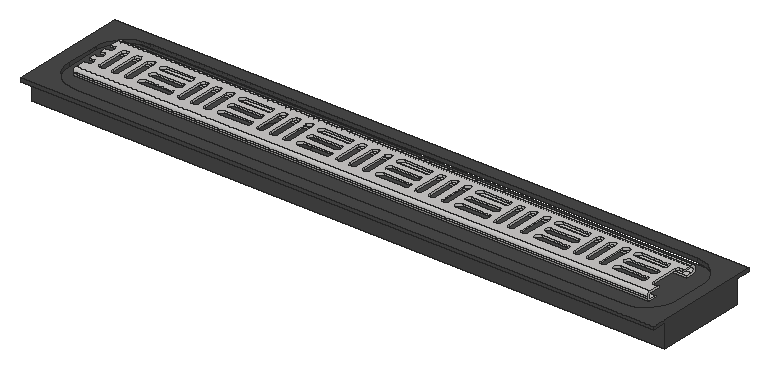
Revit family "Drain-Linear_CrossHatch_Noble_FreeStyle", category Plumbing Fixtures, host Face, Revit 2014
Parameters (values of type "24in ABS")
  Weight = "10 lbs"
  URL = "www.noblecompany.com"
  Type Comments = ""
  Product Properties = "http://www.noblecompany.com/Portals/0/PRODUCT%20INFO/Product%20Descriptions/FreeStyle%20Linear%20Drain%20Product%20Decription%200410.pdf"
  Product Data = "http://www.noblecompany.com/Products/ShowerProducts/tabid/59/Default.aspx"
  Plate = Stainless Steel - Brushed
  Model = "Freestyle 24 ABS - Cross Hatch"
  Manufacturer Phone - Toll Free = "800-878-5788"
  Manufacturer Phone = "231-799-8000"
  Manufacturer Fax = "231-799-8850"
  Manufacturer Email = "mailto:sales@noblecompany.com"
  Manufacturer Address = "7300 Enterprise Drive, Spring Lake, MI  49456 USA"
  Manufacturer = "Noble Company"
  Installation-Fabrication = "http://www.noblecompany.com/Portals/0/PRODUCT%20INFO/Product%20Descriptions/FreeStyle%20Linear%20Drain%20Product%20Decription%200410.pdf"
  GPM = 0 GPM
  Description = "Freestyle 24 ABS - Cross Hatch Linear Drain"
  Building Codes = "http://www.noblecompany.com/Portals/0/TECHNICAL%20INFO/Listing_Testing_Certification_Reports/PMG-1065%20Noble%20Company%20Linear%20Drain%20final%202.pdf"
  Base = ABS
  B = 21 3/4"
  Assembly Code = "D2030300"
  A = 24"
  Default Elevation = 0"
  D = 1 1/4"
  C = 15 3/4"
Types (14): name | Model | Description | Base | B | A | D | C
  24in ABS | "Freestyle 24 ABS - Cross Hatch" | "Freestyle 24 ABS - Cross Hatch Linear Drain" | ABS | 21 3/4" | 24" | 1 1/4" | 15 3/4"
  32in ABS | "Freestyle 32 ABS - Cross Hatch" | "Freestyle 32 ABS - Cross Hatch Linear Drain" | ABS | 29 3/4" | 32" | 1 3/8" | 19 1/2"
  36in ABS | "Freestyle 36 ABS - Cross Hatch" | "Freestyle 36 ABS - Cross Hatch Linear Drain" | ABS | 33 3/4" | 36" | 1 3/8" | 21 3/4"
  40in ABS | "Freestyle 40 ABS - Cross Hatch" | "Freestyle 40 ABS - Cross Hatch Linear Drain" | ABS | 37 3/4" | 40" | 1 7/16" | 23 3/4"
  48in ABS | "Freestyle 48 ABS - Cross Hatch" | "Freestyle 48 ABS - Cross Hatch Linear Drain" | ABS | 45 3/4" | 48" | 1 1/2" | 27 3/4"
  54in ABS | "Freestyle 54 ABS - Cross Hatch" | "Freestyle 54 ABS - Cross Hatch Linear Drain" | ABS | 51 3/4" | 54" | 1 9/16" | 30 3/4"
  60in ABS | "Freestyle 60 ABS - Cross Hatch" | "Freestyle 60 ABS - Cross Hatch Linear Drain" | ABS | 57 3/4" | 60" | 1 5/8" | 33 3/4"
  24in PVC | "Freestyle 24 PVC - Cross Hatch" | "Freestyle 24 PVC - Cross Hatch Linear Drain" | PVC | 21 3/4" | 24" | 1 1/4" | 15 3/4"
  32in PVC | "Freestyle 32 PVC - Cross Hatch" | "Freestyle 32 PVC - Cross Hatch Linear Drain" | PVC | 29 3/4" | 32" | 1 3/8" | 19 1/2"
  36in PVC | "Freestyle 36 PVC - Cross Hatch" | "Freestyle 36 PVC - Cross Hatch Linear Drain" | PVC | 33 3/4" | 36" | 1 3/8" | 21 3/4"
  40in PVC | "Freestyle 40 PVC - Cross Hatch" | "Freestyle 40 PVC - Cross Hatch Linear Drain" | PVC | 37 3/4" | 40" | 1 7/16" | 23 3/4"
  48in PVC | "Freestyle 48 PVC - Cross Hatch" | "Freestyle 48 PVC - Cross Hatch Linear Drain" | PVC | 45 3/4" | 48" | 1 1/2" | 27 3/4"
  54in PVC | "Freestyle 54 PVC - Cross Hatch" | "Freestyle 54 PVC - Cross Hatch Linear Drain" | PVC | 51 3/4" | 54" | 1 9/16" | 30 3/4"
  60in PVC | "Freestyle 60 PVC - Cross Hatch" | "Freestyle 60 PVC - Cross Hatch Linear Drain" | PVC | 57 3/4" | 60" | 1 5/8" | 33 3/4"
Reference planes (in)
  plane 1 "Center (Front/Back)": y = 0
  plane 2: z = 0
  plane 3 "Center (Left/Right)": x = 0
  plane 4: z = -1.25
  plane 5: z = -3.68399
  plane 6: z = -1.25
  plane 7: y = 1.6875
  plane 8: y = -1.6875
  plane 9: z = -0.375
  plane 10: y = 2.25
  plane 11: y = -2.25
  plane 12: z = -0.3125
  plane 13: x = 12
  plane 14: x = -12
  plane 15: x = 10.875
  plane 16: x = -3.75
  plane 17: x = -10.875
  plane 18: z = -0.125
Forms (in)
  Extrusion 1, void, detail levels medium+fine
    sketch origin (0, 0, 0) x (1, 0, 0) y (0, 1, 0)
      loop
        circle (-3.75, 0) r 1
    from -60 to 34.55449
  Extrusion 2, solid, material "ABS" <- "Base", detail levels medium+fine
    sketch origin (10.05986, 0, 0) x (0, 1, 0) y (0, 0, 1)
      loop
        line (2.25, -0.375) -> (2.25, -0.25) -> (-2.25, -0.25) -> (-2.25, -0.375) -> (-1.6875, -0.375) -> (-1.6875, -1.25) -> (1.6875, -1.25) -> (1.6875, -0.375) -> (2.25, -0.375)
    from -22.05986 to 1.94014
  Extrusion 3, void
    sketch origin (10.05986, 0, 0) x (1, 0, 0) y (0, 1, 0)
      loop
        arc (-20.37906, 1.769) -> (-21.18512, 1.43512) -> (-21.519, 0.62906) r 1.13994
        line (-21.519, 0.62906) -> (-21.519, -0.63005)
        arc (-21.519, -0.63005) -> (-21.18541, -1.43541) -> (-20.38005, -1.769) r 1.13895
        line (-20.38005, -1.769) -> (0.37931, -1.769)
        arc (0.37931, -1.769) -> (1.18519, -1.43519) -> (1.519, -0.62931) r 1.13969
        line (1.519, -0.62931) -> (1.519, 0.62118)
        arc (1.519, 0.62118) -> (1.18281, 1.43281) -> (0.37118, 1.769) r 1.14782
        line (0.37118, 1.769) -> (-20.37906, 1.769)
    from -0.375 to 0
  Extrusion 4, void
    sketch origin (0, 0, 0) x (1, 0, 0) y (0, 1, 0)
      loop
        line (11, 1.269) -> (-11, 1.269) -> (-11, -1.269) -> (11, -1.269) -> (11, 1.269)
    from -0.125 to 0
  Extrusion 5, void, detail levels fine
    sketch origin (0, 0, 0) x (0, 1, 0) y (0, 0, 1)
      loop
        line (2.25, -0.375) -> (2.25, -0.125) -> (-2.25, -0.125) -> (-2.25, -0.375) -> (-1.6875, -0.375) -> (-1.6875, -1.25) -> (1.6875, -1.25) -> (1.6875, -0.375) -> (2.25, -0.375)
    from -12 to 12
Cuts and joins
  Extrusion 1, Extrusion 3 cuts Extrusion 2
Lines and regions (in)
  model lines, detail levels coarse+medium
    curve 1: line (-3.75, 0, 0) -> (-3.75, 0, -1.25)
  model lines, style "PlumbingFixtures", detail levels coarse
    curve 2: line (-12, 2.25, 0) -> (-12, -2.25, 0)
    curve 3: line (-12, 2.25, 0) -> (12, 2.25, 0)
    curve 4: line (12, 2.25, 0) -> (12, -2.25, 0)
    curve 5: line (-12, -2.25, 0) -> (12, -2.25, 0)
    curve 6: line (12, 0, 0) -> (-12, 0, 0)
Dimensions and locks (in)
  "D": plane 2 to plane 4
  locked: plane 4 to plane 5 at 2.43399
  "D": plane 6 to level
  equal spacing: plane 7, plane 1 "Center (Front/Back)", plane 8, locked at 1.6875 each
  locked: plane 9 to level at 0.375
  plane 7 to plane 8 = 3 3/8"
  locked: plane 10 to plane 7 at 0.5625
  locked: plane 8 to plane 11 at 0.5625
  "A": plane 14 to plane 13
  locked: plane 15 to plane 13 at 1.125
  "C": plane 16 to plane 13
  locked: plane 14 to plane 17 at 1.125
  locked: Extrusion 3 sketch curve to plane 13 at 0.42114
  locked: plane 14 to Extrusion 3 sketch curve at 0.54086
  equal spacing: plane 14, plane 3 "Center (Left/Right)", plane 13
  locked: plane 9 to plane 12 at 0.0625
  locked: level to plane 18 at 0.125
  level to Extrusion 2 sketch curve = 1/4"
  locked: plane 15 to Extrusion 4 sketch curve at 0.125
  locked: Extrusion 4 sketch curve to plane 17 at 0.125
  radius of Extrusion 1 sketch curve = 1"
  aligned and locked: plane 2 to host face
  aligned and locked: level to host face
  aligned and locked: plane 1 "Center (Front/Back)" to Extrusion 1 sketch curve
  aligned and locked: plane 13 to Extrusion 2
  aligned and locked: plane 16 to Extrusion 1 sketch curve
  aligned and locked: plane 10 to Extrusion 5 sketch curve
  aligned and locked: plane 9 to Extrusion 5 sketch curve
  aligned and locked: plane 7 to Extrusion 5 sketch curve
  aligned and locked: plane 4 to Extrusion 5 sketch curve
  aligned and locked: plane 11 to Extrusion 5 sketch curve
  aligned and locked: Extrusion 5 sketch curve to plane 8
  aligned and locked: Extrusion 5 to plane 14
  aligned and locked: plane 13 to Extrusion 5
  aligned and locked: curve 6 to plane 1 "Center (Front/Back)"
  aligned and locked: plane 14 to curve 6
  aligned and locked: plane 13 to curve 6
  aligned and locked: curve 1 to plane 16
  aligned and locked: level to curve 1
  aligned and locked: plane 6 to curve 1
  aligned and locked: Extrusion 2 to plane 14
  aligned and locked: plane 3 "Center (Left/Right)" to nested 1
  aligned and locked: plane 1 "Center (Front/Back)" to nested 1
  aligned and locked: plane 12 to nested 1
  aligned and locked: plane 9 to Extrusion 3
  aligned and locked: Extrusion 4 to plane 18
  aligned and locked: level to Extrusion 4
Automatic sketch dimensions
  host sketch curve to host sketch curve = 48 1/4"
  host sketch curve to host sketch curve = 96"
  plane 9 to Extrusion 2 sketch curve = 0"  (x2)
  Extrusion 2 sketch curve to plane 11 = 0"
  Extrusion 2 sketch curve to plane 4 = 0"
  Extrusion 2 sketch curve to plane 8 = 0"
  Extrusion 2 sketch curve to plane 7 = 0"
  Extrusion 2 sketch curve to plane 10 = 0"
  Extrusion 3 sketch curve to plane 8 = 0.0815"
  plane 17 to Extrusion 3 sketch curve = 0.55481"
  Extrusion 3 sketch curve to plane 7 = 0.0815"
  plane 17 to Extrusion 3 sketch curve = 0.5558"
  Extrusion 3 sketch curve to plane 15 = 0.44396"
  Extrusion 3 sketch curve to plane 15 = 0.43583"
  curve 2 to plane 10 = 0"
  curve 5 to plane 11 = 0"
  plane 9 to Extrusion 5 sketch curve = 0"
  Extrusion 5 sketch curve to plane 18 = 0"
  plane 8 to Extrusion 4 sketch curve = 0.4185"
  plane 7 to Extrusion 4 sketch curve = 0.4185"
Nested families (in)
  nested 1: "Strainer" at (-12.24848, 0, -0.3125), type "24"", detail levels fine
    with Strainer Length 21 3/4"
Connectors (in)
  piping at (-3.75, 0, -1.25), diameter 2, driven by "GPM"
    settings: on cut or joined group of Extrusion 1, Extrusion 2, Extrusion 3, index 1, connector inside diameter 2", connector length 0", flow factor 0, pipe flow 0 GPM, pressure drop 0.00 psi, fitting loss kfactor 0, connector angle 0.00°, fixture units 0, engagement length 0", angle of deflection 0.00°, flow configuration 0, flow direction 2, fitting loss method 0, system type 16, joint type 0, gender type 0, connector reference index -1, connector utility 0, adjustable connector no, is connector primary yes, connector description ""
Definition of nested family "Strainer"
  Parameters (values of type "24"")
    Strainer Width = 2 1/4"
    Strainer Height = 5/16"
    Strainer Length = 26 1/4"
    Strainer Finish = Stainless Steel - Brushed
  Reference planes (in)
    plane 1 "Center (Front/Back)": y = 0
    plane 2: z = 0
    plane 3 "Center (Left/Right)": x = 12.24848
    plane 4: y = 1.125
    plane 5: y = -1.125
    plane 6: x = 42.24848
    plane 7: x = -17.75152
    plane 8: z = 0.3125
    plane 9: x = -0.87652
    plane 10: x = 25.37348
  Forms (in)
    Extrusion 1, solid, material "Stainless Steel - Brushed" <- "Strainer Finish", detail levels medium+fine
      sketch origin (0, 0, 0) x (1, 0, 0) y (0, 1, 0)
        loop
          line (-16.62652, 1.1245) -> (-16.62652, -1.1245) -> (41.12348, -1.1245) -> (41.12348, 1.1245) -> (-16.62652, 1.1245)
        loop
          line (11.35785, 0.5) -> (11.35785, -0.5)
          arc (11.35785, -0.5) -> (11.49848, -0.64063) -> (11.6391, -0.5) r 0.14063
          line (11.6391, -0.5) -> (11.6391, 0.5)
          arc (11.6391, 0.5) -> (11.49848, 0.64062) -> (11.35785, 0.5) r 0.14063
        loop
          line (11.85785, 0.5) -> (11.85785, -0.5)
          arc (11.85785, -0.5) -> (11.99848, -0.64063) -> (12.1391, -0.5) r 0.14063
          line (12.1391, -0.5) -> (12.1391, 0.5)
          arc (12.1391, 0.5) -> (11.99848, 0.64062) -> (11.85785, 0.5) r 0.14063
        loop
          arc (11.1391, 0.5) -> (10.99848, 0.64062) -> (10.85785, 0.5) r 0.14063
          line (10.85785, 0.5) -> (10.85785, -0.5)
          arc (10.85785, -0.5) -> (10.99848, -0.64063) -> (11.1391, -0.5) r 0.14063
          line (11.1391, -0.5) -> (11.1391, 0.5)
        loop
          line (12.49848, -0.14063) -> (13.49848, -0.14063)
          arc (13.49848, -0.14063) -> (13.6391, 0) -> (13.49848, 0.14062) r 0.14063
          line (13.49848, 0.14062) -> (12.49848, 0.14062)
          arc (12.49848, 0.14062) -> (12.35785, 0) -> (12.49848, -0.14063) r 0.14063
        loop
          line (12.49848, 0.35937) -> (13.49848, 0.35937)
          arc (13.49848, 0.35937) -> (13.6391, 0.5) -> (13.49848, 0.64062) r 0.14063
          line (13.49848, 0.64062) -> (12.49848, 0.64062)
          arc (12.49848, 0.64062) -> (12.35785, 0.5) -> (12.49848, 0.35937) r 0.14063
        loop
          arc (12.49848, -0.35938) -> (12.35785, -0.5) -> (12.49848, -0.64063) r 0.14063
          line (12.49848, -0.64063) -> (13.49848, -0.64063)
          arc (13.49848, -0.64063) -> (13.6391, -0.5) -> (13.49848, -0.35938) r 0.14063
          line (13.49848, -0.35938) -> (12.49848, -0.35938)
        loop
          arc (14.6391, 0.5) -> (14.49848, 0.64062) -> (14.35785, 0.5) r 0.14063
          line (14.35785, 0.5) -> (14.35785, -0.5)
          arc (14.35785, -0.5) -> (14.49848, -0.64063) -> (14.6391, -0.5) r 0.14063
          line (14.6391, -0.5) -> (14.6391, 0.5)
        loop
          arc (14.1391, 0.5) -> (13.99848, 0.64062) -> (13.85785, 0.5) r 0.14063
          line (13.85785, 0.5) -> (13.85785, -0.5)
          arc (13.85785, -0.5) -> (13.99848, -0.64063) -> (14.1391, -0.5) r 0.14063
          line (14.1391, -0.5) -> (14.1391, 0.5)
        loop
          line (14.85785, 0.5) -> (14.85785, -0.5)
          arc (14.85785, -0.5) -> (14.99848, -0.64063) -> (15.1391, -0.5) r 0.14063
          line (15.1391, -0.5) -> (15.1391, 0.5)
          arc (15.1391, 0.5) -> (14.99848, 0.64062) -> (14.85785, 0.5) r 0.14063
        loop
          line (15.49848, -0.14063) -> (16.49848, -0.14063)
          arc (16.49848, -0.14063) -> (16.6391, 0) -> (16.49848, 0.14062) r 0.14063
          line (16.49848, 0.14062) -> (15.49848, 0.14062)
          arc (15.49848, 0.14062) -> (15.35785, 0) -> (15.49848, -0.14063) r 0.14063
        loop
          line (15.49848, 0.35937) -> (16.49848, 0.35937)
          arc (16.49848, 0.35937) -> (16.6391, 0.5) -> (16.49848, 0.64062) r 0.14063
          line (16.49848, 0.64062) -> (15.49848, 0.64062)
          arc (15.49848, 0.64062) -> (15.35785, 0.5) -> (15.49848, 0.35937) r 0.14063
        loop
          arc (15.49848, -0.35938) -> (15.35785, -0.5) -> (15.49848, -0.64063) r 0.14063
          line (15.49848, -0.64063) -> (16.49848, -0.64063)
          arc (16.49848, -0.64063) -> (16.6391, -0.5) -> (16.49848, -0.35938) r 0.14063
          line (16.49848, -0.35938) -> (15.49848, -0.35938)
        loop
          arc (17.6391, 0.5) -> (17.49848, 0.64062) -> (17.35785, 0.5) r 0.14063
          line (17.35785, 0.5) -> (17.35785, -0.5)
          arc (17.35785, -0.5) -> (17.49848, -0.64063) -> (17.6391, -0.5) r 0.14063
          line (17.6391, -0.5) -> (17.6391, 0.5)
        loop
          arc (17.1391, 0.5) -> (16.99848, 0.64062) -> (16.85785, 0.5) r 0.14063
          line (16.85785, 0.5) -> (16.85785, -0.5)
          arc (16.85785, -0.5) -> (16.99848, -0.64063) -> (17.1391, -0.5) r 0.14063
          line (17.1391, -0.5) -> (17.1391, 0.5)
        loop
          line (17.85785, 0.5) -> (17.85785, -0.5)
          arc (17.85785, -0.5) -> (17.99848, -0.64063) -> (18.1391, -0.5) r 0.14063
          line (18.1391, -0.5) -> (18.1391, 0.5)
          arc (18.1391, 0.5) -> (17.99848, 0.64062) -> (17.85785, 0.5) r 0.14063
        loop
          line (18.49848, -0.14063) -> (19.49848, -0.14063)
          arc (19.49848, -0.14063) -> (19.6391, 0) -> (19.49848, 0.14062) r 0.14063
          line (19.49848, 0.14062) -> (18.49848, 0.14062)
          arc (18.49848, 0.14062) -> (18.35785, 0) -> (18.49848, -0.14063) r 0.14063
        loop
          line (18.49848, 0.35937) -> (19.49848, 0.35937)
          arc (19.49848, 0.35937) -> (19.6391, 0.5) -> (19.49848, 0.64062) r 0.14063
          line (19.49848, 0.64062) -> (18.49848, 0.64062)
          arc (18.49848, 0.64062) -> (18.35785, 0.5) -> (18.49848, 0.35937) r 0.14063
        loop
          arc (18.49848, -0.35938) -> (18.35785, -0.5) -> (18.49848, -0.64063) r 0.14063
          line (18.49848, -0.64063) -> (19.49848, -0.64063)
          arc (19.49848, -0.64063) -> (19.6391, -0.5) -> (19.49848, -0.35938) r 0.14063
          line (19.49848, -0.35938) -> (18.49848, -0.35938)
        loop
          arc (20.6391, 0.5) -> (20.49848, 0.64062) -> (20.35785, 0.5) r 0.14063
          line (20.35785, 0.5) -> (20.35785, -0.5)
          arc (20.35785, -0.5) -> (20.49848, -0.64063) -> (20.6391, -0.5) r 0.14063
          line (20.6391, -0.5) -> (20.6391, 0.5)
        loop
          arc (20.1391, 0.5) -> (19.99848, 0.64062) -> (19.85785, 0.5) r 0.14063
          line (19.85785, 0.5) -> (19.85785, -0.5)
          arc (19.85785, -0.5) -> (19.99848, -0.64063) -> (20.1391, -0.5) r 0.14063
          line (20.1391, -0.5) -> (20.1391, 0.5)
        loop
          line (20.85785, 0.5) -> (20.85785, -0.5)
          arc (20.85785, -0.5) -> (20.99848, -0.64063) -> (21.1391, -0.5) r 0.14063
          line (21.1391, -0.5) -> (21.1391, 0.5)
          arc (21.1391, 0.5) -> (20.99848, 0.64062) -> (20.85785, 0.5) r 0.14063
        loop
          line (21.49848, -0.14063) -> (22.49848, -0.14063)
          arc (22.49848, -0.14063) -> (22.6391, 0) -> (22.49848, 0.14062) r 0.14063
          line (22.49848, 0.14062) -> (21.49848, 0.14062)
          arc (21.49848, 0.14062) -> (21.35785, 0) -> (21.49848, -0.14063) r 0.14063
        loop
          line (21.49848, 0.35937) -> (22.49848, 0.35937)
          arc (22.49848, 0.35937) -> (22.6391, 0.5) -> (22.49848, 0.64062) r 0.14063
          line (22.49848, 0.64062) -> (21.49848, 0.64062)
          arc (21.49848, 0.64062) -> (21.35785, 0.5) -> (21.49848, 0.35937) r 0.14063
        loop
          arc (21.49848, -0.35938) -> (21.35785, -0.5) -> (21.49848, -0.64063) r 0.14063
          line (21.49848, -0.64063) -> (22.49848, -0.64063)
          arc (22.49848, -0.64063) -> (22.6391, -0.5) -> (22.49848, -0.35938) r 0.14063
          line (22.49848, -0.35938) -> (21.49848, -0.35938)
        loop
          arc (23.6391, 0.5) -> (23.49848, 0.64062) -> (23.35785, 0.5) r 0.14063
          line (23.35785, 0.5) -> (23.35785, -0.5)
          arc (23.35785, -0.5) -> (23.49848, -0.64063) -> (23.6391, -0.5) r 0.14063
          line (23.6391, -0.5) -> (23.6391, 0.5)
        loop
          arc (23.1391, 0.5) -> (22.99848, 0.64062) -> (22.85785, 0.5) r 0.14063
          line (22.85785, 0.5) -> (22.85785, -0.5)
          arc (22.85785, -0.5) -> (22.99848, -0.64063) -> (23.1391, -0.5) r 0.14063
          line (23.1391, -0.5) -> (23.1391, 0.5)
        loop
          line (23.85785, 0.5) -> (23.85785, -0.5)
          arc (23.85785, -0.5) -> (23.99848, -0.64063) -> (24.1391, -0.5) r 0.14063
          line (24.1391, -0.5) -> (24.1391, 0.5)
          arc (24.1391, 0.5) -> (23.99848, 0.64062) -> (23.85785, 0.5) r 0.14063
        loop
          line (24.49848, -0.14063) -> (25.49848, -0.14063)
          arc (25.49848, -0.14063) -> (25.6391, 0) -> (25.49848, 0.14062) r 0.14063
          line (25.49848, 0.14062) -> (24.49848, 0.14062)
          arc (24.49848, 0.14062) -> (24.35785, 0) -> (24.49848, -0.14063) r 0.14063
        loop
          line (24.49848, 0.35937) -> (25.49848, 0.35937)
          arc (25.49848, 0.35937) -> (25.6391, 0.5) -> (25.49848, 0.64062) r 0.14063
          line (25.49848, 0.64062) -> (24.49848, 0.64062)
          arc (24.49848, 0.64062) -> (24.35785, 0.5) -> (24.49848, 0.35937) r 0.14063
        loop
          arc (24.49848, -0.35938) -> (24.35785, -0.5) -> (24.49848, -0.64063) r 0.14063
          line (24.49848, -0.64063) -> (25.49848, -0.64063)
          arc (25.49848, -0.64063) -> (25.6391, -0.5) -> (25.49848, -0.35938) r 0.14063
          line (25.49848, -0.35938) -> (24.49848, -0.35938)
        loop
          arc (26.6391, 0.5) -> (26.49848, 0.64062) -> (26.35785, 0.5) r 0.14063
          line (26.35785, 0.5) -> (26.35785, -0.5)
          arc (26.35785, -0.5) -> (26.49848, -0.64063) -> (26.6391, -0.5) r 0.14063
          line (26.6391, -0.5) -> (26.6391, 0.5)
        loop
          arc (26.1391, 0.5) -> (25.99848, 0.64062) -> (25.85785, 0.5) r 0.14063
          line (25.85785, 0.5) -> (25.85785, -0.5)
          arc (25.85785, -0.5) -> (25.99848, -0.64063) -> (26.1391, -0.5) r 0.14063
          line (26.1391, -0.5) -> (26.1391, 0.5)
        loop
          line (26.85785, 0.5) -> (26.85785, -0.5)
          arc (26.85785, -0.5) -> (26.99848, -0.64063) -> (27.1391, -0.5) r 0.14063
          line (27.1391, -0.5) -> (27.1391, 0.5)
          arc (27.1391, 0.5) -> (26.99848, 0.64062) -> (26.85785, 0.5) r 0.14063
        loop
          line (27.49848, -0.14063) -> (28.49848, -0.14063)
          arc (28.49848, -0.14063) -> (28.6391, 0) -> (28.49848, 0.14062) r 0.14063
          line (28.49848, 0.14062) -> (27.49848, 0.14062)
          arc (27.49848, 0.14062) -> (27.35785, 0) -> (27.49848, -0.14063) r 0.14063
        loop
          line (27.49848, 0.35937) -> (28.49848, 0.35937)
          arc (28.49848, 0.35937) -> (28.6391, 0.5) -> (28.49848, 0.64062) r 0.14063
          line (28.49848, 0.64062) -> (27.49848, 0.64062)
          arc (27.49848, 0.64062) -> (27.35785, 0.5) -> (27.49848, 0.35937) r 0.14063
        loop
          arc (27.49848, -0.35938) -> (27.35785, -0.5) -> (27.49848, -0.64063) r 0.14063
          line (27.49848, -0.64063) -> (28.49848, -0.64063)
          arc (28.49848, -0.64063) -> (28.6391, -0.5) -> (28.49848, -0.35938) r 0.14063
          line (28.49848, -0.35938) -> (27.49848, -0.35938)
        loop
          arc (29.6391, 0.5) -> (29.49848, 0.64062) -> (29.35785, 0.5) r 0.14063
          line (29.35785, 0.5) -> (29.35785, -0.5)
          arc (29.35785, -0.5) -> (29.49848, -0.64063) -> (29.6391, -0.5) r 0.14063
          line (29.6391, -0.5) -> (29.6391, 0.5)
        loop
          arc (29.1391, 0.5) -> (28.99848, 0.64062) -> (28.85785, 0.5) r 0.14063
          line (28.85785, 0.5) -> (28.85785, -0.5)
          arc (28.85785, -0.5) -> (28.99848, -0.64063) -> (29.1391, -0.5) r 0.14063
          line (29.1391, -0.5) -> (29.1391, 0.5)
        loop
          line (29.85785, 0.5) -> (29.85785, -0.5)
          arc (29.85785, -0.5) -> (29.99848, -0.64063) -> (30.1391, -0.5) r 0.14063
          line (30.1391, -0.5) -> (30.1391, 0.5)
          arc (30.1391, 0.5) -> (29.99848, 0.64062) -> (29.85785, 0.5) r 0.14063
        loop
          line (30.49848, -0.14063) -> (31.49848, -0.14063)
          arc (31.49848, -0.14063) -> (31.6391, 0) -> (31.49848, 0.14062) r 0.14063
          line (31.49848, 0.14062) -> (30.49848, 0.14062)
          arc (30.49848, 0.14062) -> (30.35785, 0) -> (30.49848, -0.14063) r 0.14063
        loop
          line (30.49848, 0.35937) -> (31.49848, 0.35937)
          arc (31.49848, 0.35937) -> (31.6391, 0.5) -> (31.49848, 0.64062) r 0.14063
          line (31.49848, 0.64062) -> (30.49848, 0.64062)
          arc (30.49848, 0.64062) -> (30.35785, 0.5) -> (30.49848, 0.35937) r 0.14063
        loop
          arc (30.49848, -0.35938) -> (30.35785, -0.5) -> (30.49848, -0.64063) r 0.14063
          line (30.49848, -0.64063) -> (31.49848, -0.64063)
          arc (31.49848, -0.64063) -> (31.6391, -0.5) -> (31.49848, -0.35938) r 0.14063
          line (31.49848, -0.35938) -> (30.49848, -0.35938)
        loop
          arc (32.6391, 0.5) -> (32.49848, 0.64062) -> (32.35785, 0.5) r 0.14063
          line (32.35785, 0.5) -> (32.35785, -0.5)
          arc (32.35785, -0.5) -> (32.49848, -0.64063) -> (32.6391, -0.5) r 0.14063
          line (32.6391, -0.5) -> (32.6391, 0.5)
        loop
          arc (32.1391, 0.5) -> (31.99848, 0.64062) -> (31.85785, 0.5) r 0.14063
          line (31.85785, 0.5) -> (31.85785, -0.5)
          arc (31.85785, -0.5) -> (31.99848, -0.64063) -> (32.1391, -0.5) r 0.14063
          line (32.1391, -0.5) -> (32.1391, 0.5)
        loop
          line (32.85785, 0.5) -> (32.85785, -0.5)
          arc (32.85785, -0.5) -> (32.99848, -0.64063) -> (33.1391, -0.5) r 0.14063
          line (33.1391, -0.5) -> (33.1391, 0.5)
          arc (33.1391, 0.5) -> (32.99848, 0.64062) -> (32.85785, 0.5) r 0.14063
        loop
          line (33.49848, -0.14063) -> (34.49848, -0.14063)
          arc (34.49848, -0.14063) -> (34.6391, 0) -> (34.49848, 0.14062) r 0.14063
          line (34.49848, 0.14062) -> (33.49848, 0.14062)
          arc (33.49848, 0.14062) -> (33.35785, 0) -> (33.49848, -0.14063) r 0.14063
        loop
          line (33.49848, 0.35937) -> (34.49848, 0.35937)
          arc (34.49848, 0.35937) -> (34.6391, 0.5) -> (34.49848, 0.64062) r 0.14063
          line (34.49848, 0.64062) -> (33.49848, 0.64062)
          arc (33.49848, 0.64062) -> (33.35785, 0.5) -> (33.49848, 0.35937) r 0.14063
        loop
          arc (33.49848, -0.35938) -> (33.35785, -0.5) -> (33.49848, -0.64063) r 0.14063
          line (33.49848, -0.64063) -> (34.49848, -0.64063)
          arc (34.49848, -0.64063) -> (34.6391, -0.5) -> (34.49848, -0.35938) r 0.14063
          line (34.49848, -0.35938) -> (33.49848, -0.35938)
        loop
          arc (35.6391, 0.5) -> (35.49848, 0.64062) -> (35.35785, 0.5) r 0.14063
          line (35.35785, 0.5) -> (35.35785, -0.5)
          arc (35.35785, -0.5) -> (35.49848, -0.64063) -> (35.6391, -0.5) r 0.14063
          line (35.6391, -0.5) -> (35.6391, 0.5)
        loop
          arc (35.1391, 0.5) -> (34.99848, 0.64062) -> (34.85785, 0.5) r 0.14063
          line (34.85785, 0.5) -> (34.85785, -0.5)
          arc (34.85785, -0.5) -> (34.99848, -0.64063) -> (35.1391, -0.5) r 0.14063
          line (35.1391, -0.5) -> (35.1391, 0.5)
        loop
          line (35.85785, 0.5) -> (35.85785, -0.5)
          arc (35.85785, -0.5) -> (35.99848, -0.64063) -> (36.1391, -0.5) r 0.14063
          line (36.1391, -0.5) -> (36.1391, 0.5)
          arc (36.1391, 0.5) -> (35.99848, 0.64062) -> (35.85785, 0.5) r 0.14063
        loop
          line (36.49848, -0.14063) -> (37.49848, -0.14063)
          arc (37.49848, -0.14063) -> (37.6391, 0) -> (37.49848, 0.14062) r 0.14063
          line (37.49848, 0.14062) -> (36.49848, 0.14062)
          arc (36.49848, 0.14062) -> (36.35785, 0) -> (36.49848, -0.14063) r 0.14063
        loop
          line (36.49848, 0.35937) -> (37.49848, 0.35937)
          arc (37.49848, 0.35937) -> (37.6391, 0.5) -> (37.49848, 0.64062) r 0.14063
          line (37.49848, 0.64062) -> (36.49848, 0.64062)
          arc (36.49848, 0.64062) -> (36.35785, 0.5) -> (36.49848, 0.35937) r 0.14063
        loop
          arc (36.49848, -0.35938) -> (36.35785, -0.5) -> (36.49848, -0.64063) r 0.14063
          line (36.49848, -0.64063) -> (37.49848, -0.64063)
          arc (37.49848, -0.64063) -> (37.6391, -0.5) -> (37.49848, -0.35938) r 0.14063
          line (37.49848, -0.35938) -> (36.49848, -0.35938)
        loop
          arc (38.6391, 0.5) -> (38.49848, 0.64062) -> (38.35785, 0.5) r 0.14063
          line (38.35785, 0.5) -> (38.35785, -0.5)
          arc (38.35785, -0.5) -> (38.49848, -0.64063) -> (38.6391, -0.5) r 0.14063
          line (38.6391, -0.5) -> (38.6391, 0.5)
        loop
          arc (38.1391, 0.5) -> (37.99848, 0.64062) -> (37.85785, 0.5) r 0.14063
          line (37.85785, 0.5) -> (37.85785, -0.5)
          arc (37.85785, -0.5) -> (37.99848, -0.64063) -> (38.1391, -0.5) r 0.14063
          line (38.1391, -0.5) -> (38.1391, 0.5)
        loop
          line (38.85785, 0.5) -> (38.85785, -0.5)
          arc (38.85785, -0.5) -> (38.99848, -0.64063) -> (39.1391, -0.5) r 0.14063
          line (39.1391, -0.5) -> (39.1391, 0.5)
          arc (39.1391, 0.5) -> (38.99848, 0.64062) -> (38.85785, 0.5) r 0.14063
        loop
          line (39.49848, -0.14063) -> (40.49848, -0.14063)
          arc (40.49848, -0.14063) -> (40.6391, 0) -> (40.49848, 0.14062) r 0.14063
          line (40.49848, 0.14062) -> (39.49848, 0.14062)
          arc (39.49848, 0.14062) -> (39.35785, 0) -> (39.49848, -0.14063) r 0.14063
        loop
          line (39.49848, 0.35937) -> (40.49848, 0.35937)
          arc (40.49848, 0.35937) -> (40.6391, 0.5) -> (40.49848, 0.64062) r 0.14063
          line (40.49848, 0.64062) -> (39.49848, 0.64062)
          arc (39.49848, 0.64062) -> (39.35785, 0.5) -> (39.49848, 0.35937) r 0.14063
        loop
          arc (39.49848, -0.35938) -> (39.35785, -0.5) -> (39.49848, -0.64063) r 0.14063
          line (39.49848, -0.64063) -> (40.49848, -0.64063)
          arc (40.49848, -0.64063) -> (40.6391, -0.5) -> (40.49848, -0.35938) r 0.14063
          line (40.49848, -0.35938) -> (39.49848, -0.35938)
        loop
          arc (10.49848, -0.14063) -> (10.6391, 0) -> (10.49848, 0.14062) r 0.14063
          line (10.49848, 0.14062) -> (9.49848, 0.14063)
          arc (9.49848, 0.14063) -> (9.35785, 0) -> (9.49848, -0.14063) r 0.14063
          line (9.49848, -0.14063) -> (10.49848, -0.14063)
        loop
          arc (10.49848, 0.35937) -> (10.6391, 0.5) -> (10.49848, 0.64062) r 0.14063
          line (10.49848, 0.64062) -> (9.49848, 0.64062)
          arc (9.49848, 0.64062) -> (9.35785, 0.5) -> (9.49848, 0.35937) r 0.14063
          line (9.49848, 0.35937) -> (10.49848, 0.35937)
        loop
          line (10.49848, -0.35938) -> (9.49848, -0.35938)
          arc (9.49848, -0.35938) -> (9.35785, -0.5) -> (9.49848, -0.64063) r 0.14063
          line (9.49848, -0.64063) -> (10.49848, -0.64063)
          arc (10.49848, -0.64063) -> (10.6391, -0.5) -> (10.49848, -0.35938) r 0.14063
        loop
          line (8.35785, 0.5) -> (8.35785, -0.5)
          arc (8.35785, -0.5) -> (8.49848, -0.64063) -> (8.6391, -0.5) r 0.14063
          line (8.6391, -0.5) -> (8.6391, 0.5)
          arc (8.6391, 0.5) -> (8.49848, 0.64062) -> (8.35785, 0.5) r 0.14063
        loop
          line (8.85785, 0.5) -> (8.85785, -0.5)
          arc (8.85785, -0.5) -> (8.99848, -0.64063) -> (9.1391, -0.5) r 0.14063
          line (9.1391, -0.5) -> (9.1391, 0.5)
          arc (9.1391, 0.5) -> (8.99848, 0.64062) -> (8.85785, 0.5) r 0.14063
        loop
          arc (8.1391, 0.5) -> (7.99848, 0.64062) -> (7.85785, 0.5) r 0.14063
          line (7.85785, 0.5) -> (7.85785, -0.5)
          arc (7.85785, -0.5) -> (7.99848, -0.64063) -> (8.1391, -0.5) r 0.14063
          line (8.1391, -0.5) -> (8.1391, 0.5)
        loop
          arc (7.49848, -0.14063) -> (7.6391, 0) -> (7.49848, 0.14062) r 0.14063
          line (7.49848, 0.14062) -> (6.49848, 0.14063)
          arc (6.49848, 0.14063) -> (6.35785, 0) -> (6.49848, -0.14063) r 0.14063
          line (6.49848, -0.14063) -> (7.49848, -0.14063)
        loop
          arc (7.49848, 0.35937) -> (7.6391, 0.5) -> (7.49848, 0.64062) r 0.14063
          line (7.49848, 0.64062) -> (6.49848, 0.64062)
          arc (6.49848, 0.64062) -> (6.35785, 0.5) -> (6.49848, 0.35937) r 0.14063
          line (6.49848, 0.35937) -> (7.49848, 0.35937)
        loop
          line (7.49848, -0.35938) -> (6.49848, -0.35938)
          arc (6.49848, -0.35938) -> (6.35785, -0.5) -> (6.49848, -0.64063) r 0.14063
          line (6.49848, -0.64063) -> (7.49848, -0.64063)
          arc (7.49848, -0.64063) -> (7.6391, -0.5) -> (7.49848, -0.35938) r 0.14063
        loop
          line (5.35785, 0.5) -> (5.35785, -0.5)
          arc (5.35785, -0.5) -> (5.49848, -0.64063) -> (5.6391, -0.5) r 0.14063
          line (5.6391, -0.5) -> (5.6391, 0.5)
          arc (5.6391, 0.5) -> (5.49848, 0.64062) -> (5.35785, 0.5) r 0.14063
        loop
          line (5.85785, 0.5) -> (5.85785, -0.5)
          arc (5.85785, -0.5) -> (5.99848, -0.64063) -> (6.1391, -0.5) r 0.14063
          line (6.1391, -0.5) -> (6.1391, 0.5)
          arc (6.1391, 0.5) -> (5.99848, 0.64062) -> (5.85785, 0.5) r 0.14063
        loop
          arc (5.1391, 0.5) -> (4.99848, 0.64062) -> (4.85785, 0.5) r 0.14063
          line (4.85785, 0.5) -> (4.85785, -0.5)
          arc (4.85785, -0.5) -> (4.99848, -0.64063) -> (5.1391, -0.5) r 0.14063
          line (5.1391, -0.5) -> (5.1391, 0.5)
        loop
          arc (4.49848, -0.14063) -> (4.6391, 0) -> (4.49848, 0.14062) r 0.14063
          line (4.49848, 0.14062) -> (3.49848, 0.14063)
          arc (3.49848, 0.14063) -> (3.35785, 0) -> (3.49848, -0.14063) r 0.14063
          line (3.49848, -0.14063) -> (4.49848, -0.14063)
        loop
          arc (4.49848, 0.35937) -> (4.6391, 0.5) -> (4.49848, 0.64062) r 0.14063
          line (4.49848, 0.64062) -> (3.49848, 0.64062)
          arc (3.49848, 0.64062) -> (3.35785, 0.5) -> (3.49848, 0.35937) r 0.14063
          line (3.49848, 0.35937) -> (4.49848, 0.35937)
        loop
          line (4.49848, -0.35938) -> (3.49848, -0.35938)
          arc (3.49848, -0.35938) -> (3.35785, -0.5) -> (3.49848, -0.64063) r 0.14063
          line (3.49848, -0.64063) -> (4.49848, -0.64063)
          arc (4.49848, -0.64063) -> (4.6391, -0.5) -> (4.49848, -0.35938) r 0.14063
        loop
          line (2.35785, 0.5) -> (2.35785, -0.5)
          arc (2.35785, -0.5) -> (2.49848, -0.64063) -> (2.6391, -0.5) r 0.14063
          line (2.6391, -0.5) -> (2.6391, 0.5)
          arc (2.6391, 0.5) -> (2.49848, 0.64062) -> (2.35785, 0.5) r 0.14063
        loop
          line (2.85785, 0.5) -> (2.85785, -0.5)
          arc (2.85785, -0.5) -> (2.99848, -0.64063) -> (3.1391, -0.5) r 0.14063
          line (3.1391, -0.5) -> (3.1391, 0.5)
          arc (3.1391, 0.5) -> (2.99848, 0.64062) -> (2.85785, 0.5) r 0.14063
        loop
          arc (2.1391, 0.5) -> (1.99848, 0.64062) -> (1.85785, 0.5) r 0.14063
          line (1.85785, 0.5) -> (1.85785, -0.5)
          arc (1.85785, -0.5) -> (1.99848, -0.64063) -> (2.1391, -0.5) r 0.14063
          line (2.1391, -0.5) -> (2.1391, 0.5)
        loop
          arc (1.49848, -0.14063) -> (1.6391, 0) -> (1.49848, 0.14062) r 0.14063
          line (1.49848, 0.14062) -> (0.49848, 0.14063)
          arc (0.49848, 0.14063) -> (0.35785, 0) -> (0.49848, -0.14063) r 0.14063
          line (0.49848, -0.14063) -> (1.49848, -0.14063)
        loop
          arc (1.49848, 0.35937) -> (1.6391, 0.5) -> (1.49848, 0.64062) r 0.14063
          line (1.49848, 0.64062) -> (0.49848, 0.64062)
          arc (0.49848, 0.64062) -> (0.35785, 0.5) -> (0.49848, 0.35937) r 0.14063
          line (0.49848, 0.35937) -> (1.49848, 0.35937)
        loop
          line (1.49848, -0.35938) -> (0.49848, -0.35938)
          arc (0.49848, -0.35938) -> (0.35785, -0.5) -> (0.49848, -0.64063) r 0.14063
          line (0.49848, -0.64063) -> (1.49848, -0.64063)
          arc (1.49848, -0.64063) -> (1.6391, -0.5) -> (1.49848, -0.35938) r 0.14063
        loop
          line (-0.64215, 0.5) -> (-0.64215, -0.5)
          arc (-0.64215, -0.5) -> (-0.50152, -0.64063) -> (-0.3609, -0.5) r 0.14063
          line (-0.3609, -0.5) -> (-0.3609, 0.5)
          arc (-0.3609, 0.5) -> (-0.50152, 0.64062) -> (-0.64215, 0.5) r 0.14063
        loop
          line (-0.14215, 0.5) -> (-0.14215, -0.5)
          arc (-0.14215, -0.5) -> (-0.00152, -0.64063) -> (0.1391, -0.5) r 0.14063
          line (0.1391, -0.5) -> (0.1391, 0.5)
          arc (0.1391, 0.5) -> (-0.00152, 0.64062) -> (-0.14215, 0.5) r 0.14063
        loop
          arc (-0.8609, 0.5) -> (-1.00152, 0.64062) -> (-1.14215, 0.5) r 0.14063
          line (-1.14215, 0.5) -> (-1.14215, -0.5)
          arc (-1.14215, -0.5) -> (-1.00152, -0.64063) -> (-0.8609, -0.5) r 0.14063
          line (-0.8609, -0.5) -> (-0.8609, 0.5)
        loop
          arc (-1.50152, -0.14063) -> (-1.3609, 0) -> (-1.50152, 0.14062) r 0.14063
          line (-1.50152, 0.14062) -> (-2.50152, 0.14063)
          arc (-2.50152, 0.14063) -> (-2.64215, 0) -> (-2.50152, -0.14063) r 0.14063
          line (-2.50152, -0.14063) -> (-1.50152, -0.14063)
        loop
          arc (-1.50152, 0.35937) -> (-1.3609, 0.5) -> (-1.50152, 0.64062) r 0.14063
          line (-1.50152, 0.64062) -> (-2.50152, 0.64062)
          arc (-2.50152, 0.64062) -> (-2.64215, 0.5) -> (-2.50152, 0.35937) r 0.14063
          line (-2.50152, 0.35937) -> (-1.50152, 0.35937)
        loop
          line (-1.50152, -0.35938) -> (-2.50152, -0.35938)
          arc (-2.50152, -0.35938) -> (-2.64215, -0.5) -> (-2.50152, -0.64063) r 0.14063
          line (-2.50152, -0.64063) -> (-1.50152, -0.64063)
          arc (-1.50152, -0.64063) -> (-1.3609, -0.5) -> (-1.50152, -0.35938) r 0.14063
        loop
          line (-3.64215, 0.5) -> (-3.64215, -0.5)
          arc (-3.64215, -0.5) -> (-3.50152, -0.64063) -> (-3.3609, -0.5) r 0.14063
          line (-3.3609, -0.5) -> (-3.3609, 0.5)
          arc (-3.3609, 0.5) -> (-3.50152, 0.64062) -> (-3.64215, 0.5) r 0.14063
        loop
          line (-3.14215, 0.5) -> (-3.14215, -0.5)
          arc (-3.14215, -0.5) -> (-3.00152, -0.64063) -> (-2.8609, -0.5) r 0.14063
          line (-2.8609, -0.5) -> (-2.8609, 0.5)
          arc (-2.8609, 0.5) -> (-3.00152, 0.64062) -> (-3.14215, 0.5) r 0.14063
        loop
          arc (-3.8609, 0.5) -> (-4.00152, 0.64062) -> (-4.14215, 0.5) r 0.14063
          line (-4.14215, 0.5) -> (-4.14215, -0.5)
          arc (-4.14215, -0.5) -> (-4.00152, -0.64063) -> (-3.8609, -0.5) r 0.14063
          line (-3.8609, -0.5) -> (-3.8609, 0.5)
        loop
          arc (-4.50152, -0.14063) -> (-4.3609, 0) -> (-4.50152, 0.14062) r 0.14063
          line (-4.50152, 0.14062) -> (-5.50152, 0.14063)
          arc (-5.50152, 0.14063) -> (-5.64215, 0) -> (-5.50152, -0.14063) r 0.14063
          line (-5.50152, -0.14063) -> (-4.50152, -0.14063)
        loop
          arc (-4.50152, 0.35937) -> (-4.3609, 0.5) -> (-4.50152, 0.64062) r 0.14063
          line (-4.50152, 0.64062) -> (-5.50152, 0.64062)
          arc (-5.50152, 0.64062) -> (-5.64215, 0.5) -> (-5.50152, 0.35937) r 0.14063
          line (-5.50152, 0.35937) -> (-4.50152, 0.35937)
        loop
          line (-4.50152, -0.35938) -> (-5.50152, -0.35938)
          arc (-5.50152, -0.35938) -> (-5.64215, -0.5) -> (-5.50152, -0.64063) r 0.14063
          line (-5.50152, -0.64063) -> (-4.50152, -0.64063)
          arc (-4.50152, -0.64063) -> (-4.3609, -0.5) -> (-4.50152, -0.35938) r 0.14063
        loop
          line (-6.64215, 0.5) -> (-6.64215, -0.5)
          arc (-6.64215, -0.5) -> (-6.50152, -0.64063) -> (-6.3609, -0.5) r 0.14063
          line (-6.3609, -0.5) -> (-6.3609, 0.5)
          arc (-6.3609, 0.5) -> (-6.50152, 0.64062) -> (-6.64215, 0.5) r 0.14063
        loop
          line (-6.14215, 0.5) -> (-6.14215, -0.5)
          arc (-6.14215, -0.5) -> (-6.00152, -0.64063) -> (-5.8609, -0.5) r 0.14063
          line (-5.8609, -0.5) -> (-5.8609, 0.5)
          arc (-5.8609, 0.5) -> (-6.00152, 0.64062) -> (-6.14215, 0.5) r 0.14063
        loop
          arc (-6.8609, 0.5) -> (-7.00152, 0.64062) -> (-7.14215, 0.5) r 0.14063
          line (-7.14215, 0.5) -> (-7.14215, -0.5)
          arc (-7.14215, -0.5) -> (-7.00152, -0.64063) -> (-6.8609, -0.5) r 0.14063
          line (-6.8609, -0.5) -> (-6.8609, 0.5)
        loop
          arc (-7.50152, -0.14063) -> (-7.3609, 0) -> (-7.50152, 0.14062) r 0.14063
          line (-7.50152, 0.14062) -> (-8.50152, 0.14063)
          arc (-8.50152, 0.14063) -> (-8.64215, 0) -> (-8.50152, -0.14063) r 0.14063
          line (-8.50152, -0.14063) -> (-7.50152, -0.14063)
        loop
          arc (-7.50152, 0.35937) -> (-7.3609, 0.5) -> (-7.50152, 0.64062) r 0.14063
          line (-7.50152, 0.64062) -> (-8.50152, 0.64062)
          arc (-8.50152, 0.64062) -> (-8.64215, 0.5) -> (-8.50152, 0.35937) r 0.14063
          line (-8.50152, 0.35937) -> (-7.50152, 0.35937)
        loop
          line (-7.50152, -0.35938) -> (-8.50152, -0.35938)
          arc (-8.50152, -0.35938) -> (-8.64215, -0.5) -> (-8.50152, -0.64063) r 0.14063
          line (-8.50152, -0.64063) -> (-7.50152, -0.64063)
          arc (-7.50152, -0.64063) -> (-7.3609, -0.5) -> (-7.50152, -0.35938) r 0.14063
        loop
          line (-9.64215, 0.5) -> (-9.64215, -0.5)
          arc (-9.64215, -0.5) -> (-9.50152, -0.64063) -> (-9.3609, -0.5) r 0.14063
          line (-9.3609, -0.5) -> (-9.3609, 0.5)
          arc (-9.3609, 0.5) -> (-9.50152, 0.64062) -> (-9.64215, 0.5) r 0.14063
        loop
          line (-9.14215, 0.5) -> (-9.14215, -0.5)
          arc (-9.14215, -0.5) -> (-9.00152, -0.64063) -> (-8.8609, -0.5) r 0.14063
          line (-8.8609, -0.5) -> (-8.8609, 0.5)
          arc (-8.8609, 0.5) -> (-9.00152, 0.64062) -> (-9.14215, 0.5) r 0.14063
        loop
          arc (-9.8609, 0.5) -> (-10.00152, 0.64062) -> (-10.14215, 0.5) r 0.14063
          line (-10.14215, 0.5) -> (-10.14215, -0.5)
          arc (-10.14215, -0.5) -> (-10.00152, -0.64063) -> (-9.8609, -0.5) r 0.14063
          line (-9.8609, -0.5) -> (-9.8609, 0.5)
        loop
          arc (-10.50152, -0.14063) -> (-10.3609, 0) -> (-10.50152, 0.14062) r 0.14063
          line (-10.50152, 0.14062) -> (-11.50152, 0.14063)
          arc (-11.50152, 0.14063) -> (-11.64215, 0) -> (-11.50152, -0.14063) r 0.14063
          line (-11.50152, -0.14063) -> (-10.50152, -0.14063)
        loop
          arc (-10.50152, 0.35937) -> (-10.3609, 0.5) -> (-10.50152, 0.64062) r 0.14063
          line (-10.50152, 0.64062) -> (-11.50152, 0.64062)
          arc (-11.50152, 0.64062) -> (-11.64215, 0.5) -> (-11.50152, 0.35937) r 0.14063
          line (-11.50152, 0.35937) -> (-10.50152, 0.35937)
        loop
          line (-10.50152, -0.35938) -> (-11.50152, -0.35938)
          arc (-11.50152, -0.35938) -> (-11.64215, -0.5) -> (-11.50152, -0.64063) r 0.14063
          line (-11.50152, -0.64063) -> (-10.50152, -0.64063)
          arc (-10.50152, -0.64063) -> (-10.3609, -0.5) -> (-10.50152, -0.35938) r 0.14063
        loop
          line (-12.64215, 0.5) -> (-12.64215, -0.5)
          arc (-12.64215, -0.5) -> (-12.50152, -0.64063) -> (-12.3609, -0.5) r 0.14063
          line (-12.3609, -0.5) -> (-12.3609, 0.5)
          arc (-12.3609, 0.5) -> (-12.50152, 0.64062) -> (-12.64215, 0.5) r 0.14063
        loop
          line (-12.14215, 0.5) -> (-12.14215, -0.5)
          arc (-12.14215, -0.5) -> (-12.00152, -0.64063) -> (-11.8609, -0.5) r 0.14063
          line (-11.8609, -0.5) -> (-11.8609, 0.5)
          arc (-11.8609, 0.5) -> (-12.00152, 0.64062) -> (-12.14215, 0.5) r 0.14063
        loop
          arc (-12.8609, 0.5) -> (-13.00152, 0.64062) -> (-13.14215, 0.5) r 0.14063
          line (-13.14215, 0.5) -> (-13.14215, -0.5)
          arc (-13.14215, -0.5) -> (-13.00152, -0.64063) -> (-12.8609, -0.5) r 0.14063
          line (-12.8609, -0.5) -> (-12.8609, 0.5)
        loop
          arc (-13.50152, -0.14063) -> (-13.3609, 0) -> (-13.50152, 0.14062) r 0.14063
          line (-13.50152, 0.14062) -> (-14.50152, 0.14063)
          arc (-14.50152, 0.14063) -> (-14.64215, 0) -> (-14.50152, -0.14063) r 0.14063
          line (-14.50152, -0.14063) -> (-13.50152, -0.14063)
        loop
          arc (-13.50152, 0.35937) -> (-13.3609, 0.5) -> (-13.50152, 0.64062) r 0.14063
          line (-13.50152, 0.64062) -> (-14.50152, 0.64062)
          arc (-14.50152, 0.64062) -> (-14.64215, 0.5) -> (-14.50152, 0.35937) r 0.14063
          line (-14.50152, 0.35937) -> (-13.50152, 0.35937)
        loop
          line (-13.50152, -0.35938) -> (-14.50152, -0.35938)
          arc (-14.50152, -0.35938) -> (-14.64215, -0.5) -> (-14.50152, -0.64063) r 0.14063
          line (-14.50152, -0.64063) -> (-13.50152, -0.64063)
          arc (-13.50152, -0.64063) -> (-13.3609, -0.5) -> (-13.50152, -0.35938) r 0.14063
        loop
          line (-15.64215, 0.5) -> (-15.64215, -0.5)
          arc (-15.64215, -0.5) -> (-15.50152, -0.64063) -> (-15.3609, -0.5) r 0.14063
          line (-15.3609, -0.5) -> (-15.3609, 0.5)
          arc (-15.3609, 0.5) -> (-15.50152, 0.64062) -> (-15.64215, 0.5) r 0.14063
        loop
          line (-15.14215, 0.5) -> (-15.14215, -0.5)
          arc (-15.14215, -0.5) -> (-15.00152, -0.64063) -> (-14.8609, -0.5) r 0.14063
          line (-14.8609, -0.5) -> (-14.8609, 0.5)
          arc (-14.8609, 0.5) -> (-15.00152, 0.64062) -> (-15.14215, 0.5) r 0.14063
        loop
          arc (-15.8609, 0.5) -> (-16.00152, 0.64062) -> (-16.14215, 0.5) r 0.14063
          line (-16.14215, 0.5) -> (-16.14215, -0.5)
          arc (-16.14215, -0.5) -> (-16.00152, -0.64063) -> (-15.8609, -0.5) r 0.14063
          line (-15.8609, -0.5) -> (-15.8609, 0.5)
      from 0 to 0.3125
    Extrusion 2, void
      sketch origin (12.24848, 0, 0) x (0, 1, 0) y (0, 0, 1)
        loop
          line (1.1245, 0.3125) -> (0.9995, 0.3125)
          arc (0.9995, 0.3125) -> (1.08789, 0.27589) -> (1.1245, 0.1875) r 0.125
          line (1.1245, 0.1875) -> (1.1245, 0.3125)
        loop
          line (-1.1245, 0.3125) -> (-1.1245, 0.1875)
          arc (-1.1245, 0.1875) -> (-1.08789, 0.27589) -> (-0.9995, 0.3125) r 0.125
          line (-0.9995, 0.3125) -> (-1.1245, 0.3125)
        loop
          line (1.1245, 0) -> (1.1245, 0.125)
          arc (1.1245, 0.125) -> (1.08789, 0.03661) -> (0.9995, 0) r 0.125
          line (0.9995, 0) -> (1.1245, 0)
        loop
          line (-1.1245, 0) -> (-0.9995, 0)
          arc (-0.9995, 0) -> (-1.08789, 0.03661) -> (-1.1245, 0.125) r 0.125
          line (-1.1245, 0.125) -> (-1.1245, 0)
        loop
          line (-0.75, 0) -> (0.75, 0) -> (0.75, 0.0625) -> (0.9995, 0.0625)
          arc (0.9995, 0.0625) -> (1.06302, 0.15625) -> (0.9995, 0.25) r 0.10095
          line (0.9995, 0.25) -> (-0.9995, 0.25)
          arc (-0.9995, 0.25) -> (-1.06302, 0.15625) -> (-0.9995, 0.0625) r 0.10095
          line (-0.9995, 0.0625) -> (-0.75, 0.0625) -> (-0.75, 0)
      from -30 to 30
    Extrusion 3, void
      sketch origin (0, 0, 0) x (1, 0, 0) y (0, 1, 0)
        loop
          line (-17.75152, 1.25) -> (-17.75152, -1.25) -> (-0.87652, -1.25) -> (-0.87652, 1.25) -> (-17.75152, 1.25)
        loop
          line (25.37348, 1.25) -> (25.37348, -1.25) -> (42.24848, -1.25) -> (42.24848, 1.25) -> (25.37348, 1.25)
      from 0 to 0.3125
  Cuts and joins
    Extrusion 2, Extrusion 3 cuts Extrusion 1
  Dimensions and locks (in)
    locked: Extrusion 1 sketch curve to Extrusion 1 sketch curve at 57.75
    equal spacing: plane 5, plane 1 "Center (Front/Back)", plane 4
    "Strainer Width": plane 4 to plane 5
    "Strainer Height": plane 8 to level
    Extrusion 2 to level = 5/16"
    plane 7 to plane 3 "Center (Left/Right)" to plane 6 = 30" locked, 30" locked
    Extrusion 3 sketch curve to plane 1 "Center (Front/Back)" to Extrusion 3 sketch curve = 1 1/4" locked, 1 1/4" locked  (x2)
    equal spacing: plane 9, plane 3 "Center (Left/Right)", plane 10
    "Strainer Length": plane 9 to plane 10
    aligned and locked: plane 8 to Extrusion 1
    aligned and locked: Extrusion 2 to plane 7
    aligned and locked: plane 6 to Extrusion 2
    aligned and locked: plane 7 to Extrusion 3 sketch curve
    aligned and locked: Extrusion 3 sketch curve to plane 6
    aligned and locked: plane 8 to cut or joined group of Extrusion 1, Extrusion 2, Extrusion 3
    aligned and locked: Extrusion 3 to plane 10
    aligned and locked: plane 9 to Extrusion 3
  Automatic sketch dimensions
    Extrusion 2 sketch curve to plane 8 = 0"  (x2)
    Extrusion 2 sketch curve to level = 0"  (x3)
    plane 5 to Extrusion 2 sketch curve = 0.0005"  (x2)
    Extrusion 2 sketch curve to Extrusion 2 sketch curve = 1/8"  (x2)
    Extrusion 2 sketch curve to Extrusion 2 sketch curve = 0"  (x4)
    Extrusion 2 sketch curve to Extrusion 2 sketch curve = 0.03743"  (x3)
    level to Extrusion 2 sketch curve = 1/16"  (x2)
    Extrusion 2 sketch curve to Extrusion 2 sketch curve = 0.21207"
    Extrusion 2 sketch curve to plane 4 = 3/8"
    Extrusion 2 sketch curve to plane 4 = 0.16293"
    Extrusion 2 sketch curve to plane 4 = 0.0005"  (x2)
    Extrusion 2 sketch curve to Extrusion 2 sketch curve = 1/32"
    Extrusion 3 sketch curve to plane 6 = 16 7/8"
    Extrusion 3 sketch curve to Extrusion 3 sketch curve = 16 7/8"
    plane 1 "Center (Front/Back)" to Extrusion 1 sketch curve = 0"  (x19)
    Extrusion 1 sketch curve to plane 3 "Center (Left/Right)" = 3/4"
    Extrusion 1 sketch curve to plane 3 "Center (Left/Right)" = 57/64"
    Extrusion 1 sketch curve to Extrusion 1 sketch curve = 7/32"  (x53)
    Extrusion 1 sketch curve to Extrusion 1 sketch curve = 9/64"  (x80)
    Extrusion 1 sketch curve to Extrusion 1 sketch curve = 23/64"  (x51)
    Extrusion 1 sketch curve to Extrusion 1 sketch curve = 0"  (x134)
    plane 5 to Extrusion 1 sketch curve = 31/64"  (x10)
    Extrusion 1 sketch curve to Extrusion 1 sketch curve = 1"  (x18)
    plane 1 "Center (Front/Back)" to Extrusion 1 sketch curve = 9/64"  (x18)
    plane 1 "Center (Front/Back)" to Extrusion 1 sketch curve = 23/64"  (x9)
    Extrusion 1 sketch curve to plane 1 "Center (Front/Back)" = 9/64"
    Extrusion 1 sketch curve to plane 4 = 0.0005"
    Extrusion 1 sketch curve to plane 4 = 31/64"  (x5)
    Extrusion 1 sketch curve to plane 1 "Center (Front/Back)" = 23/64"  (x4)
    Extrusion 1 sketch curve to Extrusion 1 sketch curve = 5/8"
    Extrusion 1 sketch curve to Extrusion 1 sketch curve = 9/32"  (x9)
    plane 5 to Extrusion 1 sketch curve = 0.0005"
    plane 1 "Center (Front/Back)" to Extrusion 1 sketch curve = 1/2"  (x16)
    Extrusion 1 sketch curve to plane 1 "Center (Front/Back)" = 1/2"  (x26)
    Extrusion 1 sketch curve to Extrusion 1 sketch curve = 31/64"
